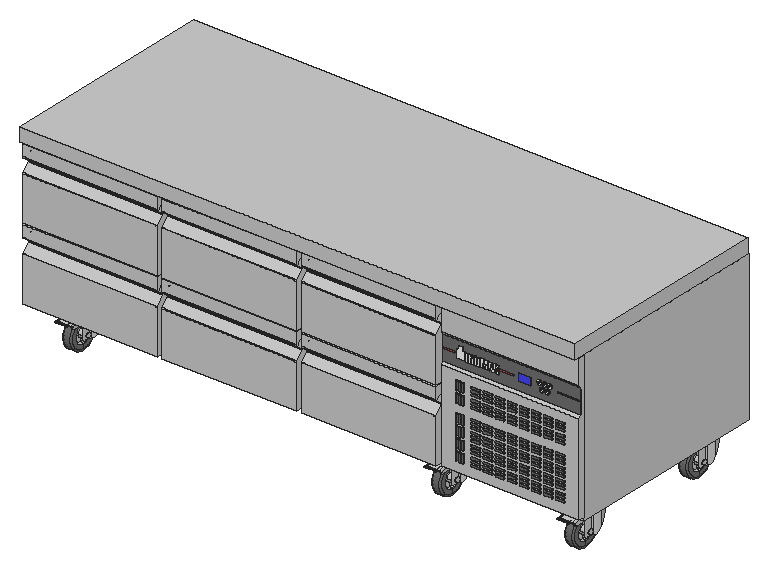
Revit family "QF_INOMAK_PWDP777_250528090058", category Specialty Equipment, Revit 2021 (continued)
Definition of nested family "QF_INOMAK_REF_BASE_COUNTERS_1790_2920"
  Definition of nested family "QF_INOMAK_CONRTOL-PANEL"
    Forms (mm)
      Extrusion 1, solid
        sketch origin (-2240, -700, 0) x (-1, 0, 0) y (0, 0, 1)
          loop
            arc (-1996.4, 136.855) -> (-1999.4, 133.855) -> (-1996.4, 130.855) r 3
            line (-1996.4, 130.855) -> (-1972.4, 130.855)
            arc (-1972.4, 130.855) -> (-1969.4, 133.855) -> (-1972.4, 136.855) r 3
            line (-1972.4, 136.855) -> (-1996.4, 136.855)
          loop
            arc (-1957.4, 136.855) -> (-1960.4, 133.855) -> (-1957.4, 130.855) r 3
            line (-1957.4, 130.855) -> (-1933.4, 130.855)
            arc (-1933.4, 130.855) -> (-1930.4, 133.855) -> (-1933.4, 136.855) r 3
            line (-1933.4, 136.855) -> (-1957.4, 136.855)
          loop
            arc (-1918.4, 136.855) -> (-1921.4, 133.855) -> (-1918.4, 130.855) r 3
            line (-1918.4, 130.855) -> (-1894.4, 130.855)
            arc (-1894.4, 130.855) -> (-1891.4, 133.855) -> (-1894.4, 136.855) r 3
            line (-1894.4, 136.855) -> (-1918.4, 136.855)
          loop
            arc (-2191.4, 125.855) -> (-2194.4, 122.855) -> (-2191.4, 119.855) r 3
            line (-2191.4, 119.855) -> (-2167.4, 119.855)
            arc (-2167.4, 119.855) -> (-2164.4, 122.855) -> (-2167.4, 125.855) r 3
            line (-2167.4, 125.855) -> (-2191.4, 125.855)
          loop
            arc (-2152.4, 125.855) -> (-2155.4, 122.855) -> (-2152.4, 119.855) r 3
            line (-2152.4, 119.855) -> (-2128.4, 119.855)
            arc (-2128.4, 119.855) -> (-2125.4, 122.855) -> (-2128.4, 125.855) r 3
            line (-2128.4, 125.855) -> (-2152.4, 125.855)
          loop
            arc (-2113.4, 125.855) -> (-2116.4, 122.855) -> (-2113.4, 119.855) r 3
            line (-2113.4, 119.855) -> (-2089.4, 119.855)
            arc (-2089.4, 119.855) -> (-2086.4, 122.855) -> (-2089.4, 125.855) r 3
            line (-2089.4, 125.855) -> (-2113.4, 125.855)
          loop
            arc (-2074.4, 125.855) -> (-2077.4, 122.855) -> (-2074.4, 119.855) r 3
            line (-2074.4, 119.855) -> (-2050.4, 119.855)
            arc (-2050.4, 119.855) -> (-2047.4, 122.855) -> (-2050.4, 125.855) r 3
            line (-2050.4, 125.855) -> (-2074.4, 125.855)
          loop
            arc (-2035.4, 125.855) -> (-2038.4, 122.855) -> (-2035.4, 119.855) r 3
            line (-2035.4, 119.855) -> (-2011.4, 119.855)
            arc (-2011.4, 119.855) -> (-2008.4, 122.855) -> (-2011.4, 125.855) r 3
            line (-2011.4, 125.855) -> (-2035.4, 125.855)
          loop
            arc (-1996.4, 125.855) -> (-1999.4, 122.855) -> (-1996.4, 119.855) r 3
            line (-1996.4, 119.855) -> (-1972.4, 119.855)
            arc (-1972.4, 119.855) -> (-1969.4, 122.855) -> (-1972.4, 125.855) r 3
            line (-1972.4, 125.855) -> (-1996.4, 125.855)
          loop
            arc (-1957.4, 125.855) -> (-1960.4, 122.855) -> (-1957.4, 119.855) r 3
            line (-1957.4, 119.855) -> (-1933.4, 119.855)
            arc (-1933.4, 119.855) -> (-1930.4, 122.855) -> (-1933.4, 125.855) r 3
            line (-1933.4, 125.855) -> (-1957.4, 125.855)
          loop
            arc (-1918.4, 125.855) -> (-1921.4, 122.855) -> (-1918.4, 119.855) r 3
            line (-1918.4, 119.855) -> (-1894.4, 119.855)
            arc (-1894.4, 119.855) -> (-1891.4, 122.855) -> (-1894.4, 125.855) r 3
            line (-1894.4, 125.855) -> (-1918.4, 125.855)
          loop
            arc (-2191.4, 110.855) -> (-2194.4, 107.855) -> (-2191.4, 104.855) r 3
            line (-2191.4, 104.855) -> (-2167.4, 104.855)
            arc (-2167.4, 104.855) -> (-2164.4, 107.855) -> (-2167.4, 110.855) r 3
            line (-2167.4, 110.855) -> (-2191.4, 110.855)
          loop
            arc (-2152.4, 110.855) -> (-2155.4, 107.855) -> (-2152.4, 104.855) r 3
            line (-2152.4, 104.855) -> (-2128.4, 104.855)
            arc (-2128.4, 104.855) -> (-2125.4, 107.855) -> (-2128.4, 110.855) r 3
            line (-2128.4, 110.855) -> (-2152.4, 110.855)
          loop
            arc (-2113.4, 110.855) -> (-2116.4, 107.855) -> (-2113.4, 104.855) r 3
            line (-2113.4, 104.855) -> (-2089.4, 104.855)
            arc (-2089.4, 104.855) -> (-2086.4, 107.855) -> (-2089.4, 110.855) r 3
            line (-2089.4, 110.855) -> (-2113.4, 110.855)
          loop
            arc (-2074.4, 110.855) -> (-2077.4, 107.855) -> (-2074.4, 104.855) r 3
            line (-2074.4, 104.855) -> (-2050.4, 104.855)
            arc (-2050.4, 104.855) -> (-2047.4, 107.855) -> (-2050.4, 110.855) r 3
            line (-2050.4, 110.855) -> (-2074.4, 110.855)
          loop
            arc (-2035.4, 110.855) -> (-2038.4, 107.855) -> (-2035.4, 104.855) r 3
            line (-2035.4, 104.855) -> (-2011.4, 104.855)
            arc (-2011.4, 104.855) -> (-2008.4, 107.855) -> (-2011.4, 110.855) r 3
            line (-2011.4, 110.855) -> (-2035.4, 110.855)
          loop
            arc (-1996.4, 110.855) -> (-1999.4, 107.855) -> (-1996.4, 104.855) r 3
            line (-1996.4, 104.855) -> (-1972.4, 104.855)
            arc (-1972.4, 104.855) -> (-1969.4, 107.855) -> (-1972.4, 110.855) r 3
            line (-1972.4, 110.855) -> (-1996.4, 110.855)
          loop
            arc (-1957.4, 110.855) -> (-1960.4, 107.855) -> (-1957.4, 104.855) r 3
            line (-1957.4, 104.855) -> (-1933.4, 104.855)
            arc (-1933.4, 104.855) -> (-1930.4, 107.855) -> (-1933.4, 110.855) r 3
            line (-1933.4, 110.855) -> (-1957.4, 110.855)
          loop
            arc (-1918.4, 110.855) -> (-1921.4, 107.855) -> (-1918.4, 104.855) r 3
            line (-1918.4, 104.855) -> (-1894.4, 104.855)
            arc (-1894.4, 104.855) -> (-1891.4, 107.855) -> (-1894.4, 110.855) r 3
            line (-1894.4, 110.855) -> (-1918.4, 110.855)
          loop
            arc (-2191.4, 99.855) -> (-2194.4, 96.855) -> (-2191.4, 93.855) r 3
            line (-2191.4, 93.855) -> (-2167.4, 93.855)
            arc (-2167.4, 93.855) -> (-2164.4, 96.855) -> (-2167.4, 99.855) r 3
            line (-2167.4, 99.855) -> (-2191.4, 99.855)
          loop
            arc (-2152.4, 99.855) -> (-2155.4, 96.855) -> (-2152.4, 93.855) r 3
            line (-2152.4, 93.855) -> (-2128.4, 93.855)
            arc (-2128.4, 93.855) -> (-2125.4, 96.855) -> (-2128.4, 99.855) r 3
            line (-2128.4, 99.855) -> (-2152.4, 99.855)
          loop
            arc (-2113.4, 99.855) -> (-2116.4, 96.855) -> (-2113.4, 93.855) r 3
            line (-2113.4, 93.855) -> (-2089.4, 93.855)
            arc (-2089.4, 93.855) -> (-2086.4, 96.855) -> (-2089.4, 99.855) r 3
            line (-2089.4, 99.855) -> (-2113.4, 99.855)
          loop
            arc (-2074.4, 99.855) -> (-2077.4, 96.855) -> (-2074.4, 93.855) r 3
            line (-2074.4, 93.855) -> (-2050.4, 93.855)
            arc (-2050.4, 93.855) -> (-2047.4, 96.855) -> (-2050.4, 99.855) r 3
            line (-2050.4, 99.855) -> (-2074.4, 99.855)
          loop
            arc (-2035.4, 99.855) -> (-2038.4, 96.855) -> (-2035.4, 93.855) r 3
            line (-2035.4, 93.855) -> (-2011.4, 93.855)
            arc (-2011.4, 93.855) -> (-2008.4, 96.855) -> (-2011.4, 99.855) r 3
            line (-2011.4, 99.855) -> (-2035.4, 99.855)
          loop
            arc (-1996.4, 99.855) -> (-1999.4, 96.855) -> (-1996.4, 93.855) r 3
            line (-1996.4, 93.855) -> (-1972.4, 93.855)
            arc (-1972.4, 93.855) -> (-1969.4, 96.855) -> (-1972.4, 99.855) r 3
            line (-1972.4, 99.855) -> (-1996.4, 99.855)
          loop
            arc (-1957.4, 99.855) -> (-1960.4, 96.855) -> (-1957.4, 93.855) r 3
            line (-1957.4, 93.855) -> (-1933.4, 93.855)
            arc (-1933.4, 93.855) -> (-1930.4, 96.855) -> (-1933.4, 99.855) r 3
            line (-1933.4, 99.855) -> (-1957.4, 99.855)
          loop
            arc (-1918.4, 99.855) -> (-1921.4, 96.855) -> (-1918.4, 93.855) r 3
            line (-1918.4, 93.855) -> (-1894.4, 93.855)
            arc (-1894.4, 93.855) -> (-1891.4, 96.855) -> (-1894.4, 99.855) r 3
            line (-1894.4, 99.855) -> (-1918.4, 99.855)
          loop
            arc (-2191.4, 88.855) -> (-2194.4, 85.855) -> (-2191.4, 82.855) r 3
            line (-2191.4, 82.855) -> (-2167.4, 82.855)
            arc (-2167.4, 82.855) -> (-2164.4, 85.855) -> (-2167.4, 88.855) r 3
            line (-2167.4, 88.855) -> (-2191.4, 88.855)
          loop
            arc (-2152.4, 88.855) -> (-2155.4, 85.855) -> (-2152.4, 82.855) r 3
            line (-2152.4, 82.855) -> (-2128.4, 82.855)
            arc (-2128.4, 82.855) -> (-2125.4, 85.855) -> (-2128.4, 88.855) r 3
            line (-2128.4, 88.855) -> (-2152.4, 88.855)
          loop
            arc (-2113.4, 88.855) -> (-2116.4, 85.855) -> (-2113.4, 82.855) r 3
            line (-2113.4, 82.855) -> (-2089.4, 82.855)
            arc (-2089.4, 82.855) -> (-2086.4, 85.855) -> (-2089.4, 88.855) r 3
            line (-2089.4, 88.855) -> (-2113.4, 88.855)
          loop
            arc (-2074.4, 88.855) -> (-2077.4, 85.855) -> (-2074.4, 82.855) r 3
            line (-2074.4, 82.855) -> (-2050.4, 82.855)
            arc (-2050.4, 82.855) -> (-2047.4, 85.855) -> (-2050.4, 88.855) r 3
            line (-2050.4, 88.855) -> (-2074.4, 88.855)
          loop
            arc (-2035.4, 88.855) -> (-2038.4, 85.855) -> (-2035.4, 82.855) r 3
            line (-2035.4, 82.855) -> (-2011.4, 82.855)
            arc (-2011.4, 82.855) -> (-2008.4, 85.855) -> (-2011.4, 88.855) r 3
            line (-2011.4, 88.855) -> (-2035.4, 88.855)
          loop
            arc (-1996.4, 88.855) -> (-1999.4, 85.855) -> (-1996.4, 82.855) r 3
            line (-1996.4, 82.855) -> (-1972.4, 82.855)
            arc (-1972.4, 82.855) -> (-1969.4, 85.855) -> (-1972.4, 88.855) r 3
            line (-1972.4, 88.855) -> (-1996.4, 88.855)
          loop
            arc (-1957.4, 88.855) -> (-1960.4, 85.855) -> (-1957.4, 82.855) r 3
            line (-1957.4, 82.855) -> (-1933.4, 82.855)
            arc (-1933.4, 82.855) -> (-1930.4, 85.855) -> (-1933.4, 88.855) r 3
            line (-1933.4, 88.855) -> (-1957.4, 88.855)
          loop
            arc (-1918.4, 88.855) -> (-1921.4, 85.855) -> (-1918.4, 82.855) r 3
            line (-1918.4, 82.855) -> (-1894.4, 82.855)
            arc (-1894.4, 82.855) -> (-1891.4, 85.855) -> (-1894.4, 88.855) r 3
            line (-1894.4, 88.855) -> (-1918.4, 88.855)
          loop
            arc (-1840.4, 313.855) -> (-1843.4, 316.855) -> (-1846.4, 313.855) r 3
            line (-1846.4, 313.855) -> (-1846.4, 289.855)
            arc (-1846.4, 289.855) -> (-1843.4, 286.855) -> (-1840.4, 289.855) r 3
            line (-1840.4, 289.855) -> (-1840.4, 313.855)
          loop
            arc (-1851.4, 313.855) -> (-1854.4, 316.855) -> (-1857.4, 313.855) r 3
            line (-1857.4, 313.855) -> (-1857.4, 289.855)
            arc (-1857.4, 289.855) -> (-1854.4, 286.855) -> (-1851.4, 289.855) r 3
            line (-1851.4, 289.855) -> (-1851.4, 313.855)
          loop
            arc (-1862.4, 313.855) -> (-1865.4, 316.855) -> (-1868.4, 313.855) r 3
            line (-1868.4, 313.855) -> (-1868.4, 289.855)
            arc (-1868.4, 289.855) -> (-1865.4, 286.855) -> (-1862.4, 289.855) r 3
            line (-1862.4, 289.855) -> (-1862.4, 313.855)
          loop
            arc (-1840.4, 276.855) -> (-1843.4, 279.855) -> (-1846.4, 276.855) r 3
            line (-1846.4, 276.855) -> (-1846.4, 252.855)
            arc (-1846.4, 252.855) -> (-1843.4, 249.855) -> (-1840.4, 252.855) r 3
            line (-1840.4, 252.855) -> (-1840.4, 276.855)
          loop
            arc (-1851.4, 276.855) -> (-1854.4, 279.855) -> (-1857.4, 276.855) r 3
            line (-1857.4, 276.855) -> (-1857.4, 252.855)
            arc (-1857.4, 252.855) -> (-1854.4, 249.855) -> (-1851.4, 252.855) r 3
            line (-1851.4, 252.855) -> (-1851.4, 276.855)
          loop
            arc (-1862.4, 276.855) -> (-1865.4, 279.855) -> (-1868.4, 276.855) r 3
            line (-1868.4, 276.855) -> (-1868.4, 252.855)
            arc (-1868.4, 252.855) -> (-1865.4, 249.855) -> (-1862.4, 252.855) r 3
            line (-1862.4, 252.855) -> (-1862.4, 276.855)
          loop
            arc (-1840.4, 219.855) -> (-1843.4, 222.855) -> (-1846.4, 219.855) r 3
            line (-1846.4, 219.855) -> (-1846.4, 195.855)
            arc (-1846.4, 195.855) -> (-1843.4, 192.855) -> (-1840.4, 195.855) r 3
            line (-1840.4, 195.855) -> (-1840.4, 219.855)
          loop
            arc (-1851.4, 219.855) -> (-1854.4, 222.855) -> (-1857.4, 219.855) r 3
            line (-1857.4, 219.855) -> (-1857.4, 195.855)
            arc (-1857.4, 195.855) -> (-1854.4, 192.855) -> (-1851.4, 195.855) r 3
            line (-1851.4, 195.855) -> (-1851.4, 219.855)
          loop
            arc (-1862.4, 219.855) -> (-1865.4, 222.855) -> (-1868.4, 219.855) r 3
            line (-1868.4, 219.855) -> (-1868.4, 195.855)
            arc (-1868.4, 195.855) -> (-1865.4, 192.855) -> (-1862.4, 195.855) r 3
            line (-1862.4, 195.855) -> (-1862.4, 219.855)
          loop
            arc (-1840.4, 182.855) -> (-1843.4, 185.855) -> (-1846.4, 182.855) r 3
            line (-1846.4, 182.855) -> (-1846.4, 158.855)
            arc (-1846.4, 158.855) -> (-1843.4, 155.855) -> (-1840.4, 158.855) r 3
            line (-1840.4, 158.855) -> (-1840.4, 182.855)
          loop
            arc (-1851.4, 182.855) -> (-1854.4, 185.855) -> (-1857.4, 182.855) r 3
            line (-1857.4, 182.855) -> (-1857.4, 158.855)
            arc (-1857.4, 158.855) -> (-1854.4, 155.855) -> (-1851.4, 158.855) r 3
            line (-1851.4, 158.855) -> (-1851.4, 182.855)
          loop
            arc (-1862.4, 182.855) -> (-1865.4, 185.855) -> (-1868.4, 182.855) r 3
            line (-1868.4, 182.855) -> (-1868.4, 158.855)
            arc (-1868.4, 158.855) -> (-1865.4, 155.855) -> (-1862.4, 158.855) r 3
            line (-1862.4, 158.855) -> (-1862.4, 182.855)
          loop
            arc (-1840.4, 145.855) -> (-1843.4, 148.855) -> (-1846.4, 145.855) r 3
            line (-1846.4, 145.855) -> (-1846.4, 121.855)
            arc (-1846.4, 121.855) -> (-1843.4, 118.855) -> (-1840.4, 121.855) r 3
            line (-1840.4, 121.855) -> (-1840.4, 145.855)
          loop
            arc (-1851.4, 145.855) -> (-1854.4, 148.855) -> (-1857.4, 145.855) r 3
            line (-1857.4, 145.855) -> (-1857.4, 121.855)
            arc (-1857.4, 121.855) -> (-1854.4, 118.855) -> (-1851.4, 121.855) r 3
            line (-1851.4, 121.855) -> (-1851.4, 145.855)
          loop
            arc (-1862.4, 145.855) -> (-1865.4, 148.855) -> (-1868.4, 145.855) r 3
            line (-1868.4, 145.855) -> (-1868.4, 121.855)
            arc (-1868.4, 121.855) -> (-1865.4, 118.855) -> (-1862.4, 121.855) r 3
            line (-1862.4, 121.855) -> (-1862.4, 145.855)
          loop
            arc (-1840.4, 108.855) -> (-1843.4, 111.855) -> (-1846.4, 108.855) r 3
            line (-1846.4, 108.855) -> (-1846.4, 84.855)
            arc (-1846.4, 84.855) -> (-1843.4, 81.855) -> (-1840.4, 84.855) r 3
            line (-1840.4, 84.855) -> (-1840.4, 108.855)
          loop
            arc (-1851.4, 108.855) -> (-1854.4, 111.855) -> (-1857.4, 108.855) r 3
            line (-1857.4, 108.855) -> (-1857.4, 84.855)
            arc (-1857.4, 84.855) -> (-1854.4, 81.855) -> (-1851.4, 84.855) r 3
            line (-1851.4, 84.855) -> (-1851.4, 108.855)
          loop
            arc (-1862.4, 108.855) -> (-1865.4, 111.855) -> (-1868.4, 108.855) r 3
            line (-1868.4, 108.855) -> (-1868.4, 84.855)
            arc (-1868.4, 84.855) -> (-1865.4, 81.855) -> (-1862.4, 84.855) r 3
            line (-1862.4, 84.855) -> (-1862.4, 108.855)
        from 16.5 to 19
    Dimensions and locks
      "Length": plane 3 "Left" to plane 4 "Right"
      "Depth": plane 5 "Front" to plane 1 "Back"
      "Front offset": plane 7 "Front offset" to plane 5 "Front"
      "Height": plane 6 "Top" to plane 2
      aligned and locked: level to plane 2
    Automatic sketch dimensions
      plane 4 "Right" to Extrusion 1 sketch curve = 48.6 mm  (x3)
      Extrusion 1 sketch curve to Extrusion 1 sketch curve = 0 mm  (x245)
      Extrusion 1 sketch curve to Extrusion 1 sketch curve = 24 mm  (x38)
      Extrusion 1 sketch curve to Extrusion 1 sketch curve = 15 mm  (x39)
      Extrusion 1 sketch curve to Extrusion 1 sketch curve = 26 mm  (x5)
      Extrusion 1 sketch curve to Extrusion 1 sketch curve = 3 mm  (x162)
      Extrusion 1 sketch curve to Extrusion 1 sketch curve = 5 mm  (x108)
      Extrusion 1 sketch curve to Extrusion 1 sketch curve = 9 mm  (x32)
      Extrusion 1 sketch curve to Extrusion 1 sketch curve = 13 mm  (x6)
      Extrusion 1 sketch curve to Extrusion 1 sketch curve = 29 mm  (x6)
      Extrusion 1 sketch curve to Extrusion 1 sketch curve = 33 mm
      level to Extrusion 1 sketch curve = 82.855 mm  (x2)
      Extrusion 1 sketch curve to Extrusion 1 sketch curve = 1 mm
Definition of nested family "QF_INOMAK_REF_COUNTERS_DOORS_DRAWERS_6522"
  Parameters (values of type "DR-LX-710")
    Weight [instance] = 0.00 kg
    Warranty Start Date [instance] = ""
    Warranty Duration [instance] = ""
    URL Cutsheet [instance] = ""
    URL = "www.inomak.com"
    Top inset [instance] = 10 mm
    Technical Documentation [instance] = ""
    Tag Number [instance] = ""
    Status [instance] = ""
    Specification by User [instance] = ""
    Specification by Manufacturer [instance] = ""
    Sound Level [instance] = ""
    Solid Fuel Type [instance] = ""
    Show Logo [instance] = yes
    Show Clearances [instance] = yes
    Service Life Duration [instance] = ""
    Serial Number [instance] = ""
    Seismic Rating [instance] = ""
    SMACNA No [instance] = ""
    Right panel thickness [instance] = 0 mm
    Revision Code [instance] = ""
    Revision [instance] = ""
    Rear inset [instance] = 0 mm
    Production Year [instance] = ""
    Point Load [instance] = 0
    Plinth height [instance] = 0 mm
    Other Equipment Approvals [instance] = ""
    NAFEM Spec ID Number [instance] = ""
    Model Warning [instance] = ""
    Model = "DR-LX-710"
    Masterspec [instance] = ""
    Manufacturer = "INOMAK"
    Length Actual [instance] = 435 mm
    Left panel thickness [instance] = 0 mm
    Item Number [instance] = ""
    Installed By [instance] = ""
    Installation Date [instance] = ""
    Identify Quantity as Lot [instance] = yes
    ID [instance] = ""
    Hygiene Approval [instance] = ""
    Height Actual [instance] = 710 mm
    Furnished By [instance] = ""
    Front inset [instance] = 10 mm
    Foodservice Equipment Identifier [instance] = yes
    Finish [instance] = none
    ETL Approved [instance] = yes
    Doors drawers type [instance] = 8
    Description = "LEFT HINGED DOOR"
    Depth Actual [instance] = 700 mm
    Default Elevation = 0 mm
    CSI MasterFormat [instance] = ""
    CE Approved [instance] = yes
    Bottom inset [instance] = 10 mm
    Barcode [instance] = ""
    Author [instance] = ""
    Asset Identifier [instance] = ""
    Assembly Code = "E1090320"
    Accessory [instance] = yes
  Types (9, lengths in mm): name | Model | Height Actual | Doors drawers type | Description
    DW-2-710 | "DW-2-710" | 710 | 4 | "2 X GN 1/2 DRAWERS"
    DR-LX-710 | "DR-LX-710" | 710 | 8 | "LEFT HINGED DOOR"
    DR-RX-710 | "DR-RX-710" | 710 | 9 | "RIGHT HINGED DOOR"
    DW-3-710 | "DW-3-710" | 710 | 6 | "3 X GN 1/3 DRAWERS"
    DW-B-710 | "DW-B-710" | 710 | 5 | "1 X GN 1/3 & 1 X GN 2/3 DRAWERS"
    DW-2-483 | "DW-2-483" | 483 | 4 | "2 X GN 1/3 DRAWERS"
    DR-LX-483 | "DR-LX-483" | 483 | 8 | "LEFT HINGED DOOR"
    DR-RX-483 | "DR-RX-483" | 483 | 9 | "RIGHT HINGED DOOR"
    DW-1-483 | "DW-1-483" | 483 | 10 | "1 X GN 2/3 DRAWER"
  Reference planes
    plane 1 "Front": y = 0
    plane 2: z = 0
    plane 3 "Left": x = 0
    plane 4 "Right": x = 435
    plane 5 "Back": y = 700
    plane 6 "Top": z = 710
    plane 7 "Bottom shelf": z = 0
    plane 8: z = 700
    plane 9: z = 10
    plane 10: x = 0
    plane 11: x = 435
    plane 12 "Center Top Bottom": z = 355
  Lines and regions (mm)
    reference lines
      curve 1: line (0, 0, 355) -> (0, 25, 355)
      curve 2: line (435, 0, 355) -> (435, 25, 355)
      curve 3: line (0, 700, 355) -> (435, 700, 355)
      curve 4: line (0, 0, 355) -> (435, 0, 355)
  Dimensions and locks
    "Length Actual": plane 3 "Left" to plane 4 "Right"
    "Depth Actual": plane 1 "Front" to plane 5 "Back"
    "Height Actual": plane 6 "Top" to plane 7 "Bottom shelf"
    "Plinth height": plane 7 "Bottom shelf" to plane 2
    "Top inset": plane 6 "Top" to plane 8
    "Bottom inset": plane 9 to plane 7 "Bottom shelf"
    "Left panel thickness": plane 3 "Left" to plane 10
    "Right panel thickness": plane 11 to plane 4 "Right"
    equal spacing: plane 6 "Top", plane 12 "Center Top Bottom", plane 7 "Bottom shelf"
    "Length Actual": curve 1 to plane 4 "Right"
    "Length Actual": plane 3 "Left" to curve 2
    "Depth Actual": plane 1 "Front" to curve 3
    "Depth Actual": plane 5 "Back" to curve 4
    aligned and locked: level to plane 2
    aligned and locked: plane 3 "Left" to nested 1
    aligned and locked: plane 3 "Left" to nested 2
    aligned and locked: plane 3 "Left" to nested 3
    aligned and locked: plane 3 "Left" to nested 4
    aligned and locked: plane 3 "Left" to nested 5
    aligned and locked: plane 3 "Left" to nested 6
    aligned and locked: plane 3 "Left" to nested 7
    aligned and locked: plane 3 "Left" to nested 8
    aligned and locked: plane 3 "Left" to nested 9
    aligned and locked: nested 4 to plane 1 "Front"
    aligned and locked: nested 6 to plane 1 "Front"
    aligned and locked: nested 8 to plane 1 "Front"
    aligned and locked: nested 5 to plane 1 "Front"
    aligned and locked: nested 3 to plane 1 "Front"
    aligned and locked: nested 7 to plane 1 "Front"
    aligned and locked: nested 2 to plane 1 "Front"
    aligned and locked: nested 1 to plane 1 "Front"
    aligned and locked: nested 9 to plane 1 "Front"
  Automatic sketch dimensions
    curve 3 to plane 4 "Right" = 0 mm
    curve 3 to plane 3 "Left" = 0 mm
    curve 2 to curve 2 = 25 mm
    curve 1 to curve 1 = 25 mm
  Nested families
    nested 1: "Right_Door" at (0, 700, 0), Depth Actual <- "Depth Actual", Height Actual <- "Height Actual", Length Actual <- "Length Actual", Front inset <- "Front inset", Rear inset <- "Rear inset", Left panel thickness <- "Left panel thickness", Right panel thickness <- "Right panel thickness", Doors drawers type <- "Doors drawers type", Plinth height <- "Plinth height", Top inset <- "Top inset", Bottom inset <- "Bottom inset", type "Right door"
      with Top inset 10 mm, Right panel thickness 0 mm, Right hand hinged door no, Rear inset 0 mm, Plinth height 0 mm, Length Actual 435 mm, Left panel thickness 0 mm, Height Actual 710 mm, Front inset 10 mm, Doors drawers type 8, Depth Actual 700 mm, Bottom inset 10 mm
    nested 2: "Left_Door" at (0, 700, 0), Depth Actual <- "Depth Actual", Height Actual <- "Height Actual", Length Actual <- "Length Actual", Front inset <- "Front inset", Rear inset <- "Rear inset", Left panel thickness <- "Left panel thickness", Right panel thickness <- "Right panel thickness", Doors drawers type <- "Doors drawers type", Plinth height <- "Plinth height", Top inset <- "Top inset", Bottom inset <- "Bottom inset", type "Left door"
      with Top inset 10 mm, Right panel thickness 0 mm, Rear inset 0 mm, Plinth height 0 mm, Length Actual 435 mm, Left panel thickness 0 mm, Left hand hinged door yes, Height Actual 710 mm, Front inset 10 mm, Doors drawers type 8, Depth Actual 700 mm, Bottom inset 10 mm
    nested 3: "3_Drawers_1-3" at (0, 700, 0), Depth Actual <- "Depth Actual", Height Actual <- "Height Actual", Length Actual <- "Length Actual", Front inset <- "Front inset", Rear inset <- "Rear inset", Left panel thickness <- "Left panel thickness", Right panel thickness <- "Right panel thickness", Doors drawers type <- "Doors drawers type", Plinth height <- "Plinth height", Top inset <- "Top inset", Bottom inset <- "Bottom inset", type "3 Drawers 1-3"
      with Top inset 10 mm, Right panel thickness 0 mm, Rear inset 0 mm, Plinth height 0 mm, Length Actual 435 mm, Left panel thickness 0 mm, Height Actual 710 mm, Front inset 10 mm, Doors drawers type 8, Depth Actual 700 mm, Bottom inset 10 mm, 3 Drawers no
    nested 4: "2_Drawers_1-2" at (0, 700, 0), Depth Actual <- "Depth Actual", Height Actual <- "Height Actual", Length Actual <- "Length Actual", Front inset <- "Front inset", Rear inset <- "Rear inset", Left panel thickness <- "Left panel thickness", Right panel thickness <- "Right panel thickness", Doors drawers type <- "Doors drawers type", Plinth height <- "Plinth height", Top inset <- "Top inset", Bottom inset <- "Bottom inset", type "2 Drawers 1-2"
      with Top inset 10 mm, Right panel thickness 0 mm, Rear inset 0 mm, Plinth height 0 mm, Length Actual 435 mm, Left panel thickness 0 mm, Height Actual 710 mm, Front inset 10 mm, Doors drawers type 8, Depth Actual 700 mm, Bottom inset 10 mm, 2 Drawers no
    nested 5: "2_Drawers_1-3_2-3" at (0, 700, 0), Depth Actual <- "Depth Actual", Height Actual <- "Height Actual", Length Actual <- "Length Actual", Front inset <- "Front inset", Rear inset <- "Rear inset", Left panel thickness <- "Left panel thickness", Right panel thickness <- "Right panel thickness", Doors drawers type <- "Doors drawers type", Plinth height <- "Plinth height", Top inset <- "Top inset", Bottom inset <- "Bottom inset", type "2 Drawers 1-3 and 2-3"
      with Top inset 10 mm, Right panel thickness 0 mm, Rear inset 0 mm, Plinth height 0 mm, Length Actual 435 mm, Left panel thickness 0 mm, Height Actual 710 mm, Front inset 10 mm, Doors drawers type 8, Depth Actual 700 mm, Bottom inset 10 mm, 2 Drawers 1-3 and 2-3 no
    nested 6: "Sliding_Doors" at (0, 700, 0), Depth Actual <- "Depth Actual", Height Actual <- "Height Actual", Length Actual <- "Length Actual", Front inset <- "Front inset", Rear inset <- "Rear inset", Left panel thickness <- "Left panel thickness", Right panel thickness <- "Right panel thickness", Doors drawers type <- "Doors drawers type", Plinth height <- "Plinth height", Top inset <- "Top inset", Bottom inset <- "Bottom inset", Finish <- "Finish", type "Sliding doors"
      with Top inset 10 mm, Sliding doors no, Right panel thickness 0 mm, Rear inset 0 mm, Plinth height 0 mm, Length Actual 435 mm, Left panel thickness 0 mm, Height Actual 710 mm, Front inset 10 mm, Finish none, Doors drawers type 8, Depth Actual 700 mm, Bottom inset 10 mm
    nested 7: "4_Drawers_1-4" at (0, 700, 0), Depth Actual <- "Depth Actual", Height Actual <- "Height Actual", Length Actual <- "Length Actual", Front inset <- "Front inset", Rear inset <- "Rear inset", Left panel thickness <- "Left panel thickness", Right panel thickness <- "Right panel thickness", Doors drawers type <- "Doors drawers type", Plinth height <- "Plinth height", Top inset <- "Top inset", Bottom inset <- "Bottom inset", Finish <- "Finish", type "4 Drawers 1-4"
      with Top inset 10 mm, Right panel thickness 0 mm, Rear inset 0 mm, Plinth height 0 mm, Length Actual 435 mm, Left panel thickness 0 mm, Height Actual 710 mm, Front inset 10 mm, Finish none, Doors drawers type 8, Depth Actual 700 mm, Bottom inset 10 mm, 4 Drawers no
    nested 8: "Hinged_Doors" at (0, 700, 0), Length Actual <- "Length Actual", Depth Actual <- "Depth Actual", Height Actual <- "Height Actual", Front inset <- "Front inset", Rear inset <- "Rear inset", Left panel thickness <- "Left panel thickness", Right panel thickness <- "Right panel thickness", Doors drawers type <- "Doors drawers type", Plinth height <- "Plinth height", Top inset <- "Top inset", Bottom inset <- "Bottom inset", Finish <- "Finish", type "Hinged doors"
      with Top inset 10 mm, Right panel thickness 0 mm, Rear inset 0 mm, Plinth height 0 mm, Length Actual 435 mm, Left panel thickness 0 mm, Hinged doors no, Height Actual 710 mm, Front inset 10 mm, Finish none, Doors drawers type 8, Depth Actual 700 mm, Bottom inset 10 mm
    nested 9: "Hopper" at (0, 700, 1.284), Length Actual <- "Length Actual", Depth Actual <- "Depth Actual", Height Actual <- "Height Actual", Front inset <- "Front inset", Rear inset <- "Rear inset", Left panel thickness <- "Left panel thickness", Right panel thickness <- "Right panel thickness", Doors drawers type <- "Doors drawers type", Plinth height <- "Plinth height", Top inset <- "Top inset", Bottom inset <- "Bottom inset", Finish <- "Finish", type "Hopper"
      with Top inset 10 mm, Right panel thickness 0 mm, Rear inset 0 mm, Plinth height 0 mm, Length Actual 435 mm, Left panel thickness 0 mm, Hopper no, Height Actual 710 mm, Front inset 10 mm, Finish none, Doors drawers type 8, Depth Actual 700 mm, Bottom inset 10 mm
  Definition of nested family "Left_Door"
    Parameters (values of type "Left door")
      URL = "www.specifiglobal.com"
      Top inset [instance] = 10 mm
      Right panel thickness [instance] = 0 mm
      Rear inset [instance] = 0 mm
      Plinth height [instance] = 150 mm
      Model = ""
      Manufacturer = "DEMO CONSULTANT"
      Length Actual [instance] = 700 mm
      Left panel thickness [instance] = 0 mm
      Left hand hinged door [instance] = Doors drawers type = 8  # yes
      Height Actual [instance] = 710 mm
      Front inset [instance] = 10 mm
      Finish = none
      Doors drawers type [instance] = 8
      Description = ""
      Depth Actual [instance] = 700 mm
      Default Elevation = 0 mm
      Bottom inset [instance] = 0 mm
      Assembly Code = "E1090320"
    Reference planes
      plane 1 "Back": y = 0
      plane 2: z = 0
      plane 3 "Left": x = 0
      plane 4 "Right": x = 700
      plane 5 "Front": y = -700
      plane 6 "Top": z = 860
      plane 7 "Front legs": y = -690
      plane 8 "Legs top": z = 150
      plane 9 "Backsplash thickness": y = 0
      plane 10 "Left panel": x = 0
      plane 11 "Right panel": x = 700
      plane 12: z = 850
      plane 13: z = 150
    Forms (mm)
      Extrusion 1, solid, material <- "Finish", visible <- "Left hand hinged door"
        sketch origin (0, 0, 0) x (0, -1, 0) y (0, 0, 1)
          loop
            line (690, 150) -> (690, 764.365)
            arc (690, 764.365) -> (689.866, 765.037) -> (689.485, 765.607) r 1.757
            line (689.485, 765.607) -> (666.663, 788.429)
            arc (666.663, 788.429) -> (665.976, 789.458) -> (665.734, 790.672) r 3.172
            line (665.734, 790.672) -> (665.734, 817.576)
            arc (665.734, 817.576) -> (666.433, 819.262) -> (668.119, 819.961) r 2.385
            line (668.119, 819.961) -> (680.029, 819.961) -> (686.544, 810.657)
            arc (686.544, 810.657) -> (688.671, 809.935) -> (690, 811.747) r 1.9
            line (690, 811.747) -> (690, 850) -> (648, 850) -> (648, 150) -> (690, 150)
        from 0 to -700
      Extrusion 2, solid, visible <- "Left hand hinged door", detail levels coarse
        sketch origin (0, -700, 150) x (-1, 0, 0) y (0, 1, 0)
          loop
            arc (-700, 10) -> (-495.871, -481.066) -> (0, -673.23) r 677.11
            line (0, -673.23) -> (0, 10) -> (-700, 10)
        from 0 to -700
    Lines and regions (mm)
      symbolic lines, visible <- "Left hand hinged door"
        curve 1: line (0, -700, 150) -> (0, -1373.247, 150)
        curve 2: arc (0, -1373.247, 150) -> (492.316, -1184.595, 150) -> (700, -700, 150) r 676.963
    Dimensions and locks
      "Length Actual": plane 3 "Left" to plane 4 "Right"
      "Depth Actual": plane 5 "Front" to plane 1 "Back"
      "Height Actual": plane 6 "Top" to plane 8 "Legs top"
      "Front inset": plane 7 "Front legs" to plane 5 "Front"
      "Plinth height": plane 8 "Legs top" to plane 2
      "Rear inset": plane 9 "Backsplash thickness" to plane 1 "Back"
      "Right panel thickness": plane 11 "Right panel" to plane 4 "Right"
      "Left panel thickness": plane 3 "Left" to plane 10 "Left panel"
      "Top inset": plane 6 "Top" to plane 12
      "Bottom inset": plane 13 to plane 8 "Legs top"
      aligned and locked: level to plane 2
      aligned and locked: Extrusion 1 to plane 11 "Right panel"
      aligned and locked: plane 10 "Left panel" to Extrusion 2 sketch curve
      aligned and locked: plane 11 "Right panel" to Extrusion 2 sketch curve
      aligned and locked: Extrusion 2 sketch curve to plane 10 "Left panel"
      aligned and locked: plane 7 "Front legs" to Extrusion 2 sketch curve
      aligned and locked: plane 7 "Front legs" to Extrusion 2
      aligned and locked: plane 10 "Left panel" to Extrusion 2
      aligned and locked: Extrusion 2 to plane 12
      aligned and locked: Extrusion 1 sketch curve to plane 13
      aligned and locked: Extrusion 1 sketch curve to plane 7 "Front legs"
      aligned and locked: Extrusion 1 sketch curve to plane 12
    Automatic sketch dimensions
      Extrusion 1 sketch curve to Extrusion 1 sketch curve = 1.556 mm
      Extrusion 1 sketch curve to Extrusion 1 sketch curve = 11.91 mm
      Extrusion 1 sketch curve to Extrusion 1 sketch curve = 2.243 mm
      Extrusion 1 sketch curve to Extrusion 1 sketch curve = 2.385 mm
      Extrusion 1 sketch curve to Extrusion 1 sketch curve = 20.119 mm
      Extrusion 1 sketch curve to Extrusion 1 sketch curve = 22.822 mm
      Extrusion 1 sketch curve to Extrusion 1 sketch curve = 19.985 mm
      Extrusion 1 sketch curve to Extrusion 1 sketch curve = 6.919 mm
      Extrusion 1 sketch curve to Extrusion 1 sketch curve = 30.039 mm
      plane 7 "Front legs" to Extrusion 1 sketch curve = 42 mm
      Extrusion 1 sketch curve to Extrusion 1 sketch curve = 0.929 mm
      Extrusion 1 sketch curve to Extrusion 1 sketch curve = 6.515 mm
      Extrusion 1 sketch curve to Extrusion 1 sketch curve = 1.242 mm
      Extrusion 1 sketch curve to Extrusion 1 sketch curve = 1.9 mm
      Extrusion 1 sketch curve to Extrusion 1 sketch curve = 0.515 mm
      plane 5 "Front" to Extrusion 2 sketch curve = 3.492 mm
      plane 3 "Left" to Extrusion 2 sketch curve = 22.921 mm
      curve 1 to plane 3 "Left" = 0 mm
      curve 2 to plane 4 "Right" = 0 mm
      curve 2 to plane 5 "Front" = 0 mm
      curve 1 to plane 5 "Front" = 0 mm
      plane 5 "Front" to curve 2 = 3.324 mm
      plane 3 "Left" to curve 2 = 23.045 mm
  Definition of nested family "Right_Door"
    Parameters (values of type "Right door")
      URL = "www.specifiglobal.com"
      Top inset [instance] = 4 mm
      Right panel thickness [instance] = 35 mm
      Right hand hinged door [instance] = Doors drawers type = 9  # yes
      Rear inset [instance] = 10 mm
      Plinth height [instance] = 150 mm
      Model = ""
      Manufacturer = "DEMO CONSULTANT"
      Length Actual [instance] = 1700 mm
      Left panel thickness [instance] = 35 mm
      Height Actual [instance] = 900 mm
      Front inset [instance] = 10 mm
      Finish = none
      Doors drawers type [instance] = 9
      Description = ""
      Depth Actual [instance] = 700 mm
      Default Elevation = 0 mm
      Bottom inset [instance] = 4 mm
      Assembly Code = "E1090320"
    Reference planes
      plane 1 "Back": y = 0
      plane 2: z = 0
      plane 3 "Left": x = 0
      plane 4 "Right": x = 1700
      plane 5 "Front": y = -700
      plane 6 "Top": z = 1050
      plane 7 "Front legs": y = -690
      plane 8 "Legs top": z = 150
      plane 9 "Backsplash thickness": y = -10
      plane 10 "Left panel": x = 35
      plane 11 "Right panel": x = 1665
      plane 12: z = 1046
      plane 13: z = 154
    Forms (mm)
      Extrusion 1, solid, material <- "Finish", visible <- "Right hand hinged door"
        sketch origin (35, 0, 0) x (0, -1, 0) y (0, 0, 1)
          loop
            line (690, 154) -> (690, 960.365)
            arc (690, 960.365) -> (689.866, 961.037) -> (689.485, 961.607) r 1.757
            line (689.485, 961.607) -> (666.663, 984.429)
            arc (666.663, 984.429) -> (665.976, 985.458) -> (665.734, 986.672) r 3.172
            line (665.734, 986.672) -> (665.734, 1013.576)
            arc (665.734, 1013.576) -> (666.433, 1015.262) -> (668.119, 1015.961) r 2.385
            line (668.119, 1015.961) -> (680.029, 1015.961) -> (686.544, 1006.657)
            arc (686.544, 1006.657) -> (688.671, 1005.935) -> (690, 1007.747) r 1.9
            line (690, 1007.747) -> (690, 1046) -> (648, 1046) -> (648, 154) -> (690, 154)
        from 0 to -1630
      Extrusion 2, solid, visible <- "Right hand hinged door", detail levels coarse
        sketch origin (0, -700, 154) x (-1, 0, 0) y (0, 1, 0)
          loop
            line (-1665, 10) -> (-1665, -1637.12)
            arc (-1665, -1637.12) -> (-517.894, -1142.214) -> (-35, 10) r 1670.236
            line (-35, 10) -> (-1665, 10)
        from 0 to -892
    Lines and regions (mm)
      symbolic lines, visible <- "Right hand hinged door"
        curve 1: line (1665, -2337.12, 150) -> (1665, -700, 150)
        curve 2: arc (1665, -2337.12, 150) -> (521.415, -1845.762, 150) -> (35.165, -699.995, 150) r 1670.236
    Dimensions and locks
      "Length Actual": plane 3 "Left" to plane 4 "Right"
      "Depth Actual": plane 5 "Front" to plane 1 "Back"
      "Height Actual": plane 6 "Top" to plane 8 "Legs top"
      "Front inset": plane 7 "Front legs" to plane 5 "Front"
      "Plinth height": plane 8 "Legs top" to plane 2
      "Rear inset": plane 9 "Backsplash thickness" to plane 1 "Back"
      "Right panel thickness": plane 11 "Right panel" to plane 4 "Right"
      "Left panel thickness": plane 3 "Left" to plane 10 "Left panel"
      "Top inset": plane 6 "Top" to plane 12
      "Bottom inset": plane 13 to plane 8 "Legs top"
      aligned and locked: level to plane 2
      aligned and locked: Extrusion 1 to plane 11 "Right panel"
      aligned and locked: plane 10 "Left panel" to Extrusion 2 sketch curve
      aligned and locked: plane 11 "Right panel" to Extrusion 2 sketch curve
      aligned and locked: plane 7 "Front legs" to Extrusion 2
      aligned and locked: plane 7 "Front legs" to Extrusion 2 sketch curve
      aligned and locked: Extrusion 2 sketch curve to plane 11 "Right panel"
      aligned and locked: curve 1 to Extrusion 2
      aligned and locked: plane 5 "Front" to curve 1
      aligned and locked: Extrusion 2 to plane 12
      aligned and locked: Extrusion 1 sketch curve to plane 12
      aligned and locked: Extrusion 1 sketch curve to plane 7 "Front legs"
      aligned and locked: Extrusion 1 sketch curve to plane 13
      aligned and locked: curve 2 to Extrusion 2
    Automatic sketch dimensions
      Extrusion 1 sketch curve to Extrusion 1 sketch curve = 1.556 mm
      Extrusion 1 sketch curve to Extrusion 1 sketch curve = 11.91 mm
      Extrusion 1 sketch curve to Extrusion 1 sketch curve = 2.243 mm
      Extrusion 1 sketch curve to Extrusion 1 sketch curve = 2.385 mm
      Extrusion 1 sketch curve to Extrusion 1 sketch curve = 20.119 mm
      Extrusion 1 sketch curve to Extrusion 1 sketch curve = 22.822 mm
      Extrusion 1 sketch curve to Extrusion 1 sketch curve = 19.985 mm
      Extrusion 1 sketch curve to Extrusion 1 sketch curve = 6.919 mm
      Extrusion 1 sketch curve to Extrusion 1 sketch curve = 30.039 mm
      plane 7 "Front legs" to Extrusion 1 sketch curve = 42 mm
      Extrusion 1 sketch curve to Extrusion 1 sketch curve = 0.929 mm
      Extrusion 1 sketch curve to Extrusion 1 sketch curve = 6.515 mm
      Extrusion 1 sketch curve to Extrusion 1 sketch curve = 1.242 mm
      Extrusion 1 sketch curve to Extrusion 1 sketch curve = 1.9 mm
      Extrusion 1 sketch curve to Extrusion 1 sketch curve = 0.515 mm
      Extrusion 2 sketch curve to plane 4 "Right" = 5.083 mm
      plane 7 "Front legs" to Extrusion 2 sketch curve = 22.635 mm
      plane 5 "Front" to curve 2 = 0.005 mm
  Definition of nested family "3_Drawers_1-3"
    Parameters (values of type "3 Drawers 1-3")
      URL = "www.specifiglobal.com"
      Top inset [instance] = 4 mm
      Right panel thickness [instance] = 35 mm
      Rear inset [instance] = 10 mm
      Plinth height [instance] = 150 mm
      Model = ""
      Manufacturer = "DEMO CONSULTANT"
      Length Actual [instance] = 1200 mm
      Left panel thickness [instance] = 35 mm
      Height Actual [instance] = 900 mm
      Front inset [instance] = 10 mm
      Finish = none
      Doors drawers type [instance] = 6
      Description = ""
      Depth Actual [instance] = 700 mm
      Default Elevation = 0 mm
      Bottom inset [instance] = 4 mm
      Assembly Code = "E1090320"
      3 Drawers [instance] = Doors drawers type = 6  # yes
    Reference planes
      plane 1 "Back": y = 0
      plane 2: z = 0
      plane 3 "Left": x = 0
      plane 4 "Right": x = 1200
      plane 5 "Front": y = -700
      plane 6 "Top": z = 1050
      plane 7 "Front legs": y = -690
      plane 8 "Legs top": z = 150
      plane 9 "Backsplash thickness": y = -10
      plane 10 "Left panel": x = 35
      plane 11 "Right panel": x = 1165
      plane 12: z = 749.333
      plane 13: z = 1046
      plane 14: z = 751.667
      plane 15: z = 747
      plane 16: z = 1048
      plane 17: z = 450.667
      plane 18: z = 453.333
      plane 19: z = 448
      plane 20: z = 154
      plane 21: z = 152
    Forms (mm)
      Extrusion 1, solid, material <- "Finish", visible <- "3 Drawers"
        sketch origin (35, 0, 0) x (0, -1, 0) y (0, 0, 1)
          loop
            line (690, 751.667) -> (690, 960.365)
            arc (690, 960.365) -> (689.866, 961.037) -> (689.485, 961.607) r 1.757
            line (689.485, 961.607) -> (666.663, 984.429)
            arc (666.663, 984.429) -> (665.976, 985.458) -> (665.734, 986.672) r 3.172
            line (665.734, 986.672) -> (665.734, 1013.576)
            arc (665.734, 1013.576) -> (666.433, 1015.262) -> (668.119, 1015.961) r 2.385
            line (668.119, 1015.961) -> (680.029, 1015.961) -> (686.544, 1006.657)
            arc (686.544, 1006.657) -> (688.671, 1005.935) -> (690, 1007.747) r 1.9
            line (690, 1007.747) -> (690, 1046) -> (648, 1046) -> (648, 751.667) -> (690, 751.667)
        from 0 to -1130
      Extrusion 2, solid, visible <- "3 Drawers", detail levels coarse
        sketch origin (0, -640.463, 751.667) x (0, 1, 0) y (-1, 0, 0)
          loop
            line (-49.537, -35) -> (-624.582, -35) -> (-624.582, -1165) -> (-49.537, -1165) -> (-49.537, -35)
        from 0 to 294.333
      Extrusion 3, solid, visible <- "3 Drawers", detail levels coarse
        sketch origin (0, -640.463, 453.333) x (0, 1, 0) y (-1, 0, 0)
          loop
            line (-49.537, -35) -> (-624.582, -35) -> (-624.582, -1165) -> (-49.537, -1165) -> (-49.537, -35)
        from 0 to 293.667
      Extrusion 4, solid, visible <- "3 Drawers", detail levels coarse
        sketch origin (0, -700, 154) x (-1, 0, 0) y (0, 1, 0)
          loop
            line (-35, 10) -> (-1165, 10) -> (-1165, -565.045) -> (-35, -565.045) -> (-35, 10)
        from 0 to -294
      Extrusion 5, solid, material <- "Finish", visible <- "3 Drawers"
        sketch origin (35, 0, -220.667) x (0, -1, 0) y (0, 0, 1)
          loop
            line (690, 674) -> (690, 882.031)
            arc (690, 882.031) -> (689.866, 882.704) -> (689.485, 883.274) r 1.757
            line (689.485, 883.274) -> (666.663, 906.096)
            arc (666.663, 906.096) -> (665.976, 907.125) -> (665.734, 908.339) r 3.172
            line (665.734, 908.339) -> (665.734, 935.243)
            arc (665.734, 935.243) -> (666.433, 936.929) -> (668.119, 937.628) r 2.385
            line (668.119, 937.628) -> (680.029, 937.628) -> (686.544, 928.324)
            arc (686.544, 928.324) -> (688.671, 927.602) -> (690, 929.414) r 1.9
            line (690, 929.414) -> (690, 967.667) -> (648, 967.667) -> (648, 674) -> (690, 674)
        from 0 to -1130
      Extrusion 6, solid, material <- "Finish", visible <- "3 Drawers"
        sketch origin (35, 0, -441.333) x (0, -1, 0) y (0, 0, 1)
          loop
            line (690, 595.333) -> (690, 800.031)
            arc (690, 800.031) -> (689.866, 800.704) -> (689.485, 801.274) r 1.757
            line (689.485, 801.274) -> (666.663, 824.096)
            arc (666.663, 824.096) -> (665.976, 825.125) -> (665.734, 826.339) r 3.172
            line (665.734, 826.339) -> (665.734, 857.243)
            arc (665.734, 857.243) -> (666.433, 858.929) -> (668.119, 859.628) r 2.385
            line (668.119, 859.628) -> (680.029, 859.628) -> (686.544, 850.324)
            arc (686.544, 850.324) -> (688.671, 849.602) -> (690, 851.414) r 1.9
            line (690, 851.414) -> (690, 889.333) -> (648, 889.333) -> (648, 595.333) -> (690, 595.333)
        from 0 to -1130
    Lines and regions (mm)
      symbolic lines, visible <- "3 Drawers"
        curve 1: line (35, -850, 900) -> (35, -890, 900)
        curve 2: line (35, -890, 900) -> (1165, -890, 900)
        curve 3: line (1165, -890, 900) -> (1165, -850, 900)
        curve 4: line (1165, -850, 900) -> (35, -850, 900)
        curve 5: line (1135, -850, 900) -> (1135, -700, 900)
        curve 6: line (65, -850, 900) -> (65, -700, 900)
        curve 7: line (35, -1040, 900) -> (35, -1080, 900)
        curve 8: line (35, -1080, 900) -> (1165, -1080, 900)
        curve 9: line (1165, -1080, 900) -> (1165, -1040, 900)
        curve 10: line (1165, -1040, 900) -> (35, -1040, 900)
        curve 11: line (1135, -1040, 900) -> (1135, -890, 900)
        curve 12: line (65, -1040, 900) -> (65, -890, 900)
        curve 13: line (35, -1225, 900) -> (35, -1265, 900)
        curve 14: line (35, -1265, 900) -> (1165, -1265, 900)
        curve 15: line (1165, -1265, 900) -> (1165, -1225, 900)
        curve 16: line (1165, -1225, 900) -> (35, -1225, 900)
        curve 17: line (1135, -1225, 900) -> (1135, -1080, 900)
        curve 18: line (65, -1225, 900) -> (65, -1080, 900)
    Dimensions and locks
      "Length Actual": plane 3 "Left" to plane 4 "Right"
      "Depth Actual": plane 5 "Front" to plane 1 "Back"
      "Height Actual": plane 6 "Top" to plane 8 "Legs top"
      "Front inset": plane 7 "Front legs" to plane 5 "Front"
      "Plinth height": plane 8 "Legs top" to plane 2
      "Rear inset": plane 9 "Backsplash thickness" to plane 1 "Back"
      "Right panel thickness": plane 11 "Right panel" to plane 4 "Right"
      "Left panel thickness": plane 3 "Left" to plane 10 "Left panel"
      plane 14 to plane 15 = 4.667 mm
      equal spacing: plane 14, plane 12, plane 15
      locked: plane 16 to plane 13 at 2
      equal spacing: plane 18, plane 17, plane 19
      plane 18 to plane 19 = 5.333 mm
      "Bottom inset": plane 20 to plane 8 "Legs top"
      equal spacing: plane 21, plane 17, plane 12, plane 16
      "Top inset": plane 13 to plane 6 "Top"
      locked: plane 21 to plane 20 at 2
      aligned and locked: level to plane 2
      aligned and locked: Extrusion 1 to plane 11 "Right panel"
      aligned and locked: plane 10 "Left panel" to curve 1
      aligned and locked: plane 10 "Left panel" to curve 7
      aligned and locked: plane 10 "Left panel" to curve 13
      aligned and locked: Extrusion 2 sketch curve to plane 10 "Left panel"
      aligned and locked: plane 11 "Right panel" to Extrusion 2 sketch curve
      aligned and locked: Extrusion 3 sketch curve to plane 10 "Left panel"
      aligned and locked: plane 11 "Right panel" to Extrusion 3 sketch curve
      aligned and locked: Extrusion 4 sketch curve to plane 10 "Left panel"
      aligned and locked: plane 11 "Right panel" to Extrusion 4 sketch curve
      aligned and locked: Extrusion 2 to plane 13
      aligned and locked: Extrusion 3 to plane 15
      aligned and locked: Extrusion 4 to plane 19
      aligned and locked: Extrusion 5 to plane 11 "Right panel"
      aligned and locked: Extrusion 6 to plane 11 "Right panel"
      aligned and locked: Extrusion 1 sketch curve to plane 13
      aligned and locked: Extrusion 1 sketch curve to plane 7 "Front legs"
      aligned and locked: plane 18 to Extrusion 5 sketch curve
      aligned and locked: Extrusion 6 sketch curve to Extrusion 4  (x2)
      aligned and locked: Extrusion 5 sketch curve to plane 15
      aligned and locked: Extrusion 4 to Extrusion 5 sketch curve
      aligned and locked: Extrusion 6 sketch curve to plane 19
      aligned and locked: Extrusion 6 sketch curve to plane 20
    Automatic sketch dimensions
      Extrusion 2 sketch curve to plane 7 "Front legs" = 0 mm
      Extrusion 2 sketch curve to plane 5 "Front" = 565.045 mm
      Extrusion 3 sketch curve to plane 7 "Front legs" = 0 mm
      Extrusion 3 sketch curve to plane 5 "Front" = 565.045 mm
      Extrusion 4 sketch curve to plane 7 "Front legs" = 0 mm
      Extrusion 4 sketch curve to plane 5 "Front" = 565.045 mm
      curve 14 to plane 11 "Right panel" = 0 mm
      curve 8 to plane 11 "Right panel" = 0 mm
      curve 3 to plane 11 "Right panel" = 0 mm
      curve 6 to plane 5 "Front" = 0 mm
      curve 5 to plane 5 "Front" = 0 mm
      curve 1 to plane 5 "Front" = 150 mm
      curve 2 to curve 3 = 40 mm
      curve 10 to curve 1 = 150 mm
      curve 9 to curve 9 = 40 mm
      curve 13 to curve 7 = 145 mm
      curve 14 to curve 13 = 40 mm
      curve 3 to curve 5 = 30 mm
      curve 15 to curve 17 = 30 mm
      curve 11 to curve 17 = 0 mm
      curve 6 to plane 10 "Left panel" = 30 mm
      curve 18 to plane 10 "Left panel" = 30 mm
      curve 12 to curve 18 = 0 mm
      Extrusion 1 sketch curve to plane 14 = 0 mm
      Extrusion 1 sketch curve to plane 7 "Front legs" = 0 mm
      plane 7 "Front legs" to Extrusion 1 sketch curve = 0.515 mm
      plane 7 "Front legs" to Extrusion 1 sketch curve = 1.757 mm
      plane 7 "Front legs" to Extrusion 1 sketch curve = 1.9 mm
      Extrusion 1 sketch curve to Extrusion 1 sketch curve = 1.556 mm
      plane 7 "Front legs" to Extrusion 1 sketch curve = 9.971 mm
      plane 7 "Front legs" to Extrusion 1 sketch curve = 21.094 mm
      Extrusion 1 sketch curve to Extrusion 1 sketch curve = 11.91 mm
      Extrusion 1 sketch curve to Extrusion 1 sketch curve = 2.243 mm
      Extrusion 1 sketch curve to Extrusion 1 sketch curve = 2.385 mm
      Extrusion 1 sketch curve to Extrusion 1 sketch curve = 20.119 mm
      plane 13 to Extrusion 1 sketch curve = 85.635 mm
      Extrusion 1 sketch curve to Extrusion 1 sketch curve = 22.822 mm
      Extrusion 1 sketch curve to Extrusion 1 sketch curve = 19.985 mm
      Extrusion 1 sketch curve to Extrusion 1 sketch curve = 6.919 mm
      plane 15 to Extrusion 5 sketch curve = 59.328 mm
      Extrusion 5 sketch curve to Extrusion 5 sketch curve = 17.734 mm
      plane 15 to Extrusion 5 sketch curve = 61.571 mm
      Extrusion 5 sketch curve to Extrusion 5 sketch curve = 0.929 mm
      Extrusion 5 sketch curve to Extrusion 5 sketch curve = 2.385 mm
      Extrusion 5 sketch curve to Extrusion 5 sketch curve = 11.91 mm
      Extrusion 5 sketch curve to Extrusion 5 sketch curve = 6.515 mm
      Extrusion 5 sketch curve to Extrusion 5 sketch curve = 1.556 mm
      Extrusion 5 sketch curve to Extrusion 5 sketch curve = 21.58 mm
      plane 15 to Extrusion 5 sketch curve = 84.393 mm
      Extrusion 5 sketch curve to Extrusion 5 sketch curve = 1.242 mm
      Extrusion 5 sketch curve to Extrusion 5 sketch curve = 1.9 mm
      Extrusion 5 sketch curve to Extrusion 5 sketch curve = 0.515 mm
      Extrusion 5 sketch curve to Extrusion 5 sketch curve = 6.919 mm
      Extrusion 5 sketch curve to Extrusion 5 sketch curve = 30.039 mm
      plane 7 "Front legs" to Extrusion 6 sketch curve = 0.515 mm
      plane 7 "Front legs" to Extrusion 6 sketch curve = 1.757 mm
      plane 7 "Front legs" to Extrusion 6 sketch curve = 1.9 mm
      Extrusion 6 sketch curve to Extrusion 6 sketch curve = 1.556 mm
      plane 7 "Front legs" to Extrusion 6 sketch curve = 9.971 mm
      plane 7 "Front legs" to Extrusion 6 sketch curve = 21.094 mm
      Extrusion 6 sketch curve to Extrusion 6 sketch curve = 11.91 mm
      Extrusion 6 sketch curve to Extrusion 6 sketch curve = 2.243 mm
      Extrusion 6 sketch curve to Extrusion 6 sketch curve = 2.385 mm
      Extrusion 6 sketch curve to Extrusion 6 sketch curve = 20.119 mm
      plane 19 to Extrusion 6 sketch curve = 89.302 mm
      Extrusion 6 sketch curve to Extrusion 6 sketch curve = 22.822 mm
      Extrusion 6 sketch curve to Extrusion 6 sketch curve = 23.985 mm
      Extrusion 6 sketch curve to Extrusion 6 sketch curve = 6.919 mm
  Definition of nested family "2_Drawers_1-2"
    Parameters (values of type "2 Drawers 1-2")
      URL = "www.specifiglobal.com"
      Top inset [instance] = 4 mm
      Right panel thickness [instance] = 35 mm
      Rear inset [instance] = 10 mm
      Plinth height [instance] = 150 mm
      Model = ""
      Manufacturer = "DEMO CONSULTANT"
      Length Actual [instance] = 1200 mm
      Left panel thickness [instance] = 35 mm
      Height Actual [instance] = 900 mm
      Front inset [instance] = 10 mm
      Finish = none
      Doors drawers type [instance] = 4
      Description = ""
      Depth Actual [instance] = 700 mm
      Default Elevation = 0 mm
      Bottom inset [instance] = 4 mm
      Assembly Code = "E1090320"
      2 Drawers [instance] = Doors drawers type = 4  # yes
    Reference planes
      plane 1 "Back": y = 0
      plane 2: z = 0
      plane 3 "Left": x = 0
      plane 4 "Right": x = 1200
      plane 5 "Front": y = -700
      plane 6 "Top": z = 1050
      plane 7 "Front legs": y = -690
      plane 8 "Legs top": z = 150
      plane 9 "Backsplash thickness": y = -10
      plane 10 "Left panel": x = 35
      plane 11 "Right panel": x = 1165
      plane 12: z = 600
      plane 13: z = 1046
      plane 14: z = 602
      plane 15: z = 598
      plane 16: z = 154
    Forms (mm)
      Extrusion 1, solid, material <- "Finish", visible <- "2 Drawers"
        sketch origin (35, 0, 0) x (0, -1, 0) y (0, 0, 1)
          loop
            line (690, 602) -> (690, 960.365)
            arc (690, 960.365) -> (689.866, 961.037) -> (689.485, 961.607) r 1.757
            line (689.485, 961.607) -> (666.663, 984.429)
            arc (666.663, 984.429) -> (665.976, 985.458) -> (665.734, 986.672) r 3.172
            line (665.734, 986.672) -> (665.734, 1013.576)
            arc (665.734, 1013.576) -> (666.433, 1015.262) -> (668.119, 1015.961) r 2.385
            line (668.119, 1015.961) -> (680.029, 1015.961) -> (686.544, 1006.657)
            arc (686.544, 1006.657) -> (688.671, 1005.935) -> (690, 1007.747) r 1.9
            line (690, 1007.747) -> (690, 1046) -> (648, 1046) -> (648, 602) -> (690, 602)
        from 0 to -1130
      Extrusion 2, solid, visible <- "2 Drawers", detail levels coarse
        sketch origin (0, -640.463, 602) x (0, 1, 0) y (-1, 0, 0)
          loop
            line (-49.537, -35) -> (-624.537, -35) -> (-624.537, -1165) -> (-49.537, -1165) -> (-49.537, -35)
        from 0 to 444
      Extrusion 3, solid, visible <- "2 Drawers", detail levels coarse
        sketch origin (0, -700, 154) x (-1, 0, 0) y (0, 1, 0)
          loop
            line (-35, 10) -> (-1165, 10) -> (-1165, -565) -> (-35, -565) -> (-35, 10)
        from 0 to -444
      Extrusion 4, solid, material <- "Finish", visible <- "2 Drawers"
        sketch origin (35, 0, -441.333) x (0, -1, 0) y (0, 0, 1)
          loop
            line (690, 595.333) -> (690, 953.698)
            arc (690, 953.698) -> (689.866, 954.37) -> (689.485, 954.94) r 1.757
            line (689.485, 954.94) -> (666.663, 977.763)
            arc (666.663, 977.763) -> (665.976, 978.792) -> (665.734, 980.006) r 3.172
            line (665.734, 980.006) -> (665.734, 1006.909)
            arc (665.734, 1006.909) -> (666.433, 1008.596) -> (668.119, 1009.294) r 2.385
            line (668.119, 1009.294) -> (680.029, 1009.294) -> (686.544, 999.991)
            arc (686.544, 999.991) -> (688.671, 999.268) -> (690, 1001.08) r 1.9
            line (690, 1001.08) -> (690, 1039.333) -> (648, 1039.333) -> (648, 595.333) -> (690, 595.333)
        from 0 to -1130
    Lines and regions (mm)
      symbolic lines, visible <- "2 Drawers"
        curve 1: line (35, -940, 900) -> (35, -980, 900)
        curve 2: line (35, -980, 900) -> (1165, -980, 900)
        curve 3: line (1165, -980, 900) -> (1165, -940, 900)
        curve 4: line (1165, -940, 900) -> (35, -940, 900)
        curve 5: line (1135, -940, 900) -> (1135, -700, 900)
        curve 6: line (65, -940, 900) -> (65, -700, 900)
        curve 7: line (35, -1225, 900) -> (35, -1265, 900)
        curve 8: line (35, -1265, 900) -> (1165, -1265, 900)
        curve 9: line (1165, -1265, 900) -> (1165, -1225, 900)
        curve 10: line (1165, -1225, 900) -> (35, -1225, 900)
        curve 11: line (1135, -1225, 900) -> (1135, -980, 900)
        curve 12: line (65, -1225, 900) -> (65, -980, 900)
    Dimensions and locks
      "Length Actual": plane 3 "Left" to plane 4 "Right"
      "Depth Actual": plane 5 "Front" to plane 1 "Back"
      "Height Actual": plane 6 "Top" to plane 8 "Legs top"
      "Front inset": plane 7 "Front legs" to plane 5 "Front"
      "Plinth height": plane 8 "Legs top" to plane 2
      "Rear inset": plane 9 "Backsplash thickness" to plane 1 "Back"
      "Right panel thickness": plane 11 "Right panel" to plane 4 "Right"
      "Left panel thickness": plane 3 "Left" to plane 10 "Left panel"
      "Top inset": plane 6 "Top" to plane 13
      "Bottom inset": plane 16 to plane 8 "Legs top"
      equal spacing: plane 16, plane 12, plane 13
      locked: plane 14 to plane 12 at 2
      locked: plane 15 to plane 12 at 2
      aligned and locked: level to plane 2
      aligned and locked: Extrusion 1 to plane 11 "Right panel"
      aligned and locked: plane 10 "Left panel" to curve 1
      aligned and locked: plane 10 "Left panel" to curve 7
      aligned and locked: Extrusion 2 sketch curve to plane 10 "Left panel"
      aligned and locked: plane 11 "Right panel" to Extrusion 2 sketch curve
      aligned and locked: Extrusion 3 sketch curve to plane 10 "Left panel"
      aligned and locked: plane 11 "Right panel" to Extrusion 3 sketch curve
      aligned and locked: Extrusion 2 to plane 13
      aligned and locked: Extrusion 4 to plane 11 "Right panel"
      aligned and locked: Extrusion 3 to plane 15
      aligned and locked: Extrusion 1 sketch curve to plane 13
      aligned and locked: Extrusion 1 sketch curve to plane 7 "Front legs"
      aligned and locked: plane 14 to Extrusion 1 sketch curve
      aligned and locked: Extrusion 4 sketch curve to plane 15
      aligned and locked: Extrusion 4 sketch curve to plane 7 "Front legs"
      aligned and locked: Extrusion 4 sketch curve to plane 16
    Automatic sketch dimensions
      Extrusion 2 sketch curve to plane 7 "Front legs" = 0 mm
      Extrusion 2 sketch curve to plane 5 "Front" = 565 mm
      Extrusion 3 sketch curve to plane 7 "Front legs" = 0 mm
      Extrusion 3 sketch curve to plane 5 "Front" = 565 mm
      curve 9 to plane 11 "Right panel" = 0 mm
      curve 2 to plane 11 "Right panel" = 0 mm
      curve 5 to plane 5 "Front" = 0 mm
      curve 6 to plane 5 "Front" = 0 mm
      curve 1 to plane 5 "Front" = 240 mm
      curve 3 to curve 3 = 40 mm
      curve 7 to curve 1 = 245 mm
      curve 8 to curve 9 = 40 mm
      plane 11 "Right panel" to curve 5 = 30 mm
      curve 2 to curve 11 = 30 mm
      curve 6 to plane 10 "Left panel" = 30 mm
      curve 12 to plane 10 "Left panel" = 30 mm
      Extrusion 1 sketch curve to Extrusion 1 sketch curve = 17.734 mm
      Extrusion 1 sketch curve to Extrusion 1 sketch curve = 0.929 mm
      Extrusion 1 sketch curve to Extrusion 1 sketch curve = 2.385 mm
      Extrusion 1 sketch curve to Extrusion 1 sketch curve = 3.172 mm
      Extrusion 1 sketch curve to Extrusion 1 sketch curve = 11.91 mm
      Extrusion 1 sketch curve to Extrusion 1 sketch curve = 6.515 mm
      Extrusion 1 sketch curve to Extrusion 1 sketch curve = 1.556 mm
      Extrusion 1 sketch curve to Extrusion 1 sketch curve = 21.58 mm
      Extrusion 1 sketch curve to Extrusion 1 sketch curve = 1.242 mm
      Extrusion 1 sketch curve to Extrusion 1 sketch curve = 1.9 mm
      Extrusion 1 sketch curve to Extrusion 1 sketch curve = 0.515 mm
      Extrusion 1 sketch curve to Extrusion 1 sketch curve = 22.822 mm
      Extrusion 1 sketch curve to Extrusion 1 sketch curve = 19.985 mm
      Extrusion 1 sketch curve to Extrusion 1 sketch curve = 6.919 mm
      Extrusion 1 sketch curve to Extrusion 1 sketch curve = 30.039 mm
      Extrusion 4 sketch curve to plane 7 "Front legs" = 0 mm
      plane 7 "Front legs" to Extrusion 4 sketch curve = 0.515 mm
      plane 7 "Front legs" to Extrusion 4 sketch curve = 1.757 mm
      plane 7 "Front legs" to Extrusion 4 sketch curve = 1.9 mm
      Extrusion 4 sketch curve to Extrusion 4 sketch curve = 1.556 mm
      plane 7 "Front legs" to Extrusion 4 sketch curve = 9.971 mm
